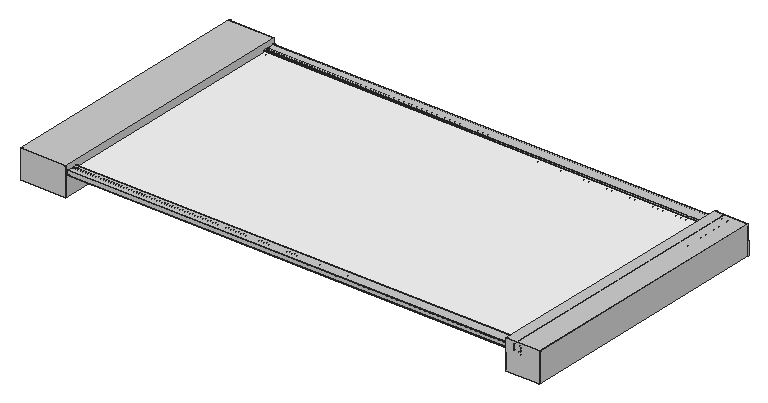
Revit family "DSI-H_3HR_Horizontal_Curtain_Jamb", category Specialty Equipment, Revit 2023
Family settings
  Round Connector Dimension = Use Diameter
  Part Type = Normal
  OmniClass Number = 23.30.60.17
  OmniClass Title = Fire and Smoke Shutters and Curtains
  Work Plane-Based = No
  Enable Cutting in Views = No
  Always vertical = Yes
  Cut with Voids When Loaded = No
  Maintain Annotation Orientation = No
  Shared = No
  Room Calculation Point = No
Parameters
  Type Comments = ""
  Specifications = "https://www.arcat.com/company/door-systems-50183/spec"
  Product Information = "https://www.arcat.com/arcatcos/cos50/arc50183.html"
  Manufacturer Address = "1150 S. Las Brisas Placentia, CA 92870"
  Keynote = ""
  Height (TBH) Tail end Box [instance] = 0' - 11.81"
  Description = ""
  Default Elevation = 0' - 0"
  Cost = 0
  Copyright = "Arcat, Inc."
  Curtain Width [instance] = 8' - 0"
  URL = "https://www.doorsysinc.com/smoke-and-fire-curtains/"
  Width (TBW) Tail end Box [instance] = 1' - 1 3/4"
  Stainless Steel = Stainless Steel
  Schematic Floor = no
  Power Supply = "SINGLE PHASE, 230V,13A,50Hz"
  Open Fire Curtain = yes
  Motor = "INTERNAL, ELECTRIC, TUBULER GEARED CONSTANT SPEED MOTOR"
  Model = "DSI-H 3HR HorizontalnCurtain Jamb"
  Manufacturer = "Door Systems"
  Width (HBW) Head Box [instance] = 1' - 6 1/2"
  Height (HBH) Head Box [instance] = 0' - 11 3/4"
  Guide Rail = "2 mm THK GALVANIZED STEEL GUIDE RAIL"
  Galvanized Stell = Galvanized Steel
  End Plate = "3mmTHK GALVANISED STEEL END PLATES AND BRACKETS"
  Curtain Fabric = "MANUFACTURED FROM STAINLESS STEEL, WIRE REINFORCED,\r\nWOVEN GLASS FIBRE, FABRIC COATED ON EACH SIDE\r\nWITH SILVER POLYURETHANE  VWG 690"
  Curtain Box = "1.2mmTHK GALVANISED STEEL"
  Curtain = Curtain
  Curtain Length [instance] = 15' - 0"
  Bottom Bar = "2mm THK  GALVANIZED STEEL  BOTTOM BAR"
  Assembly Code = ""
Reference planes (in)
  plane 1 "Center (Front/Back)": y = 0
  plane 2: z = 0.04835
  plane 3 "Center (Left/Right)": x = 0
  plane 4: y = 48
  plane 5: y = -58.62376
  plane 6: x = -48
  plane 7: x = 164.25
  plane 8: x = -29.5
  plane 9: x = 150.5
  plane 10: y = 43.47244
  plane 11: y = -54.0962
  plane 12: z = 0
  plane 13: z = 11.75
  plane 14: z = 8.30906
  plane 15: x = -34.22047
  plane 16: x = 156.40133
  plane 17: z = 10.90207
  plane 18: y = 47.2126
  plane 19: y = -57.84251
  plane 20: y = -58.57689
  plane 21: y = 47.95312
  plane 22: z = 9.7997
  plane 23: z = 9.75283
  plane 24: z = -0.06
  plane 25: z = -0.01312
  plane 26: z = 11.70276
  plane 27: x = -45.24409
  plane 28: x = -33.76735
  plane 29: x = -47.95312
  plane 30: x = -29.54687
  plane 31: y = -53.31495
  plane 32: y = 42.68505
  plane 33 "Cloth Superior": z = 9.0123
  plane 34: z = 8.96543
Forms (in)
  Extrusion 1, solid, material "Steel, Paint Finish, Dark Gray, Matte"
    sketch origin (0, -119.95313, 0) x (1, 0, 0) y (0, 0, 1)
      loop
        line (-48, 11.65551) -> (-48, -0.06) -> (-29.5, -0.06) -> (-29.5, 11.75) -> (-47.90551, 11.75)
        arc (-47.90551, 11.75) -> (-47.97233, 11.72233) -> (-48, 11.65551) r 0.09449
    from -61.37624 to -61.32936
  Extrusion 2, solid, material "Steel, Paint Finish, Dark Gray, Matte"
    sketch origin (0, -36, 0) x (1, 0, 0) y (0, 0, 1)
      loop
        line (-48, 11.65551) -> (-48, -0.06) -> (-29.5, -0.06) -> (-29.5, 11.75) -> (-47.90551, 11.75)
        arc (-47.90551, 11.75) -> (-47.97233, 11.72233) -> (-48, 11.65551) r 0.09449
    from -84 to -83.95312
  Extrusion 3, solid, material "Steel, Paint Finish, Dark Gray, Matte"
    sketch origin (0, -35.95313, 0) x (1, 0, 0) y (0, 0, 1)
      loop
        line (150.49582, -0.06) -> (164.24582, -0.06) -> (164.24582, 11.65551)
        arc (164.24582, 11.65551) -> (164.21814, 11.72233) -> (164.15133, 11.75) r 0.09449
        line (164.15133, 11.75) -> (150.49582, 11.75) -> (150.49582, -0.06)
    from 22.62376 to 22.67064
  Extrusion 4, solid, material "Steel, Paint Finish, Dark Gray, Matte"
    sketch origin (0, 48, 0) x (1, 0, 0) y (0, 0, 1)
      loop
        line (150.49582, -0.06) -> (164.24582, -0.06) -> (164.24582, 11.65551)
        arc (164.24582, 11.65551) -> (164.21814, 11.72233) -> (164.15133, 11.75) r 0.09449
        line (164.15133, 11.75) -> (150.49582, 11.75) -> (150.49582, -0.06)
    from 0 to 0.04688
  Extrusion 5, solid, material "Galvanized Steel"
    sketch origin (0, 1.56963, 0.2623) x (0, 1, 0) y (0, 0, 1)
      loop
        line (-54.88458, 8.86811) -> (-54.88458, 9.41929)
        arc (-54.88458, 9.41929) -> (-54.91918, 9.50281) -> (-55.00269, 9.5374) r 0.11811
        line (-55.00269, 9.5374) -> (-59.29403, 9.5374)
        arc (-59.29403, 9.5374) -> (-59.37755, 9.50281) -> (-59.41214, 9.41929) r 0.11811
        line (-59.41214, 9.41929) -> (-59.41214, 7.68701)
        arc (-59.41214, 7.68701) -> (-59.37755, 7.60349) -> (-59.29403, 7.5689) r 0.11811
        line (-59.29403, 7.5689) -> (-55.00269, 7.5689)
        arc (-55.00269, 7.5689) -> (-54.91918, 7.60349) -> (-54.88458, 7.68701) r 0.11811
        line (-54.88458, 7.68701) -> (-54.88458, 8.23819)
        arc (-54.88458, 8.23819) -> (-54.91918, 8.32171) -> (-55.00269, 8.3563) r 0.11811
        line (-55.00269, 8.3563) -> (-56.14443, 8.3563)
        arc (-56.14443, 8.3563) -> (-56.22794, 8.32171) -> (-56.26254, 8.23819) r 0.11811
        line (-56.26254, 8.23819) -> (-56.26254, 7.68701) -> (-56.1838, 7.68701) -> (-56.1838, 8.23819)
        arc (-56.1838, 8.23819) -> (-56.17227, 8.26603) -> (-56.14443, 8.27756) r 0.03937
        line (-56.14443, 8.27756) -> (-55.00269, 8.27756)
        arc (-55.00269, 8.27756) -> (-54.97486, 8.26603) -> (-54.96332, 8.23819) r 0.03937
        line (-54.96332, 8.23819) -> (-54.96332, 7.68701)
        arc (-54.96332, 7.68701) -> (-54.97486, 7.65917) -> (-55.00269, 7.64764) r 0.03937
        line (-55.00269, 7.64764) -> (-59.29403, 7.64764)
        arc (-59.29403, 7.64764) -> (-59.32187, 7.65917) -> (-59.3334, 7.68701) r 0.03937
        line (-59.3334, 7.68701) -> (-59.3334, 9.41929)
        arc (-59.3334, 9.41929) -> (-59.32187, 9.44713) -> (-59.29403, 9.45866) r 0.03937
        line (-59.29403, 9.45866) -> (-55.00269, 9.45866)
        arc (-55.00269, 9.45866) -> (-54.97486, 9.44713) -> (-54.96332, 9.41929) r 0.03937
        line (-54.96332, 9.41929) -> (-54.96332, 8.86811)
        arc (-54.96332, 8.86811) -> (-54.97486, 8.84027) -> (-55.00269, 8.82874) r 0.03937
        line (-55.00269, 8.82874) -> (-56.14443, 8.82874)
        arc (-56.14443, 8.82874) -> (-56.17227, 8.84027) -> (-56.1838, 8.86811) r 0.03937
        line (-56.1838, 8.86811) -> (-56.1838, 9.43307) -> (-56.26254, 9.43307) -> (-56.26254, 8.86811)
        arc (-56.26254, 8.86811) -> (-56.22794, 8.78459) -> (-56.14443, 8.75) r 0.11811
        line (-56.14443, 8.75) -> (-55.00269, 8.75)
        arc (-55.00269, 8.75) -> (-54.91918, 8.78459) -> (-54.88458, 8.86811) r 0.11811
    from -29.54687 to 156.40133
  Extrusion 6, solid, material "Steel, Paint Finish, Dark Gray, Matte"
    sketch origin (0, 0, -1.0631) x (0, 1, 0) y (0, 0, 1)
      loop
        line (44.063, 10.79774) -> (43.98426, 10.79774) -> (43.98426, 10.23278)
        arc (43.98426, 10.23278) -> (43.97273, 10.20494) -> (43.94489, 10.19341) r 0.03937
        line (43.94489, 10.19341) -> (42.80316, 10.19341)
        arc (42.80316, 10.19341) -> (42.77532, 10.20494) -> (42.76379, 10.23278) r 0.03937
        line (42.76379, 10.23278) -> (42.76379, 10.78396)
        arc (42.76379, 10.78396) -> (42.77532, 10.8118) -> (42.80316, 10.82333) r 0.03937
        line (42.80316, 10.82333) -> (47.09449, 10.82333)
        arc (47.09449, 10.82333) -> (47.12233, 10.8118) -> (47.13386, 10.78396) r 0.03937
        line (47.13386, 10.78396) -> (47.13386, 9.05167)
        arc (47.13386, 9.05167) -> (47.12233, 9.02383) -> (47.09449, 9.0123) r 0.03937
        line (47.09449, 9.0123) -> (42.80316, 9.0123)
        arc (42.80316, 9.0123) -> (42.77532, 9.02383) -> (42.76379, 9.05167) r 0.03937
        line (42.76379, 9.05167) -> (42.76379, 9.60285)
        arc (42.76379, 9.60285) -> (42.77532, 9.63069) -> (42.80316, 9.64222) r 0.03937
        line (42.80316, 9.64222) -> (43.94489, 9.64222)
        arc (43.94489, 9.64222) -> (43.97273, 9.63069) -> (43.98426, 9.60285) r 0.03937
        line (43.98426, 9.60285) -> (43.98426, 9.05167) -> (44.063, 9.05167) -> (44.063, 9.60285)
        arc (44.063, 9.60285) -> (44.0284, 9.68637) -> (43.94489, 9.72096) r 0.11811
        line (43.94489, 9.72096) -> (42.80316, 9.72096)
        arc (42.80316, 9.72096) -> (42.71964, 9.68637) -> (42.68505, 9.60285) r 0.11811
        line (42.68505, 9.60285) -> (42.68505, 9.05167)
        arc (42.68505, 9.05167) -> (42.71964, 8.96816) -> (42.80316, 8.93356) r 0.11811
        line (42.80316, 8.93356) -> (47.09449, 8.93356)
        arc (47.09449, 8.93356) -> (47.17801, 8.96816) -> (47.2126, 9.05167) r 0.11811
        line (47.2126, 9.05167) -> (47.2126, 10.78396)
        arc (47.2126, 10.78396) -> (47.17801, 10.86747) -> (47.09449, 10.90207) r 0.11811
        line (47.09449, 10.90207) -> (42.80316, 10.90207)
        arc (42.80316, 10.90207) -> (42.71964, 10.86747) -> (42.68505, 10.78396) r 0.11811
        line (42.68505, 10.78396) -> (42.68505, 10.23278)
        arc (42.68505, 10.23278) -> (42.71964, 10.14926) -> (42.80316, 10.11467) r 0.11811
        line (42.80316, 10.11467) -> (43.94489, 10.11467)
        arc (43.94489, 10.11467) -> (44.0284, 10.14926) -> (44.063, 10.23278) r 0.11811
        line (44.063, 10.23278) -> (44.063, 10.79774)
    from -29.5 to 156.40133
  Extrusion 7, solid, material "Curtain", visible <- "Open Fire Curtain"
    sketch origin (0, 0, 9.0123) x (-1, 0, 0) y (0, -1, 0)
      loop
        line (29.5, 54.0962) -> (-156.40133, 54.0962) -> (-156.40133, -43.47244) -> (29.5, -43.47244) -> (29.5, 54.0962)
    from -0.04688 to 0
  Extrusion 8, solid, material "Schematic Floor", visible <- "Schematic Floor"
    sketch origin (0, 0, 2.04687) x (1, 0, 0) y (0, 1, 0)
      loop
        line (-48, -58.57689) -> (164.25, -58.57689) -> (164.25, 48) -> (-48, 48) -> (-48, -58.57689)
      loop
        line (188.24582, 72) -> (-72, 72) -> (-72, -82.57689) -> (188.24582, -82.57689) -> (188.24582, 72)
    from 0 to 9.70313
  Extrusion 9, solid, material "Steel, Paint Finish, Dark Gray, Matte"
    sketch origin (0, 0, 0) x (1, 0, 0) y (0, 0, 1)
      loop
        line (150.49582, 11.75) -> (150.49582, 11.70276) -> (164.15133, 11.70276)
        arc (164.15133, 11.70276) -> (164.18474, 11.68892) -> (164.19857, 11.65551) r 0.04724
        line (164.19857, 11.65551) -> (164.19857, -0.01312) -> (150.54306, -0.01312) -> (150.54306, 6.53009)
        arc (150.54306, 6.53009) -> (150.54939, 6.55371) -> (150.56668, 6.57101) r 0.04724
        line (150.56668, 6.57101) -> (153.57707, 8.30906) -> (156.30684, 8.30906)
        arc (156.30684, 8.30906) -> (156.34025, 8.29522) -> (156.35408, 8.26181) r 0.04724
        line (156.35408, 8.26181) -> (156.35408, 7.68701) -> (156.40133, 7.68701) -> (156.40133, 8.26181)
        arc (156.40133, 8.26181) -> (156.37365, 8.32862) -> (156.30684, 8.3563) r 0.09449
        line (156.30684, 8.3563) -> (153.58368, 8.3563)
        arc (153.58368, 8.3563) -> (153.56237, 8.3523) -> (153.54248, 8.34364) r 0.09639
        line (153.54248, 8.34364) -> (150.54306, 6.61192)
        arc (150.54306, 6.61192) -> (150.50848, 6.57734) -> (150.49582, 6.53009) r 0.09449
        line (150.49582, 6.53009) -> (150.49582, -0.06) -> (164.24582, -0.06) -> (164.24582, 11.65551)
        arc (164.24582, 11.65551) -> (164.21814, 11.72233) -> (164.15133, 11.75) r 0.09449
        line (164.15133, 11.75) -> (150.49582, 11.75)
      loop
        line (154.23597, 8.65797) -> (154.23597, 8.73671) -> (153.8029, 8.73671)
        arc (153.8029, 8.73671) -> (153.74723, 8.75977) -> (153.72416, 8.81545) r 0.07874
        line (153.72416, 8.81545) -> (153.72416, 9.60285)
        arc (153.72416, 9.60285) -> (153.74723, 9.65853) -> (153.8029, 9.68159) r 0.07874
        line (153.8029, 9.68159) -> (156.24385, 9.68159)
        arc (156.24385, 9.68159) -> (156.29953, 9.65853) -> (156.32259, 9.60285) r 0.07874
        line (156.32259, 9.60285) -> (156.32259, 8.81545)
        arc (156.32259, 8.81545) -> (156.29953, 8.75977) -> (156.24385, 8.73671) r 0.07874
        line (156.24385, 8.73671) -> (155.81078, 8.73671) -> (155.81078, 8.65797) -> (156.24385, 8.65797)
        arc (156.24385, 8.65797) -> (156.3552, 8.7041) -> (156.40133, 8.81545) r 0.15748
        line (156.40133, 8.81545) -> (156.40133, 9.60285)
        arc (156.40133, 9.60285) -> (156.3552, 9.71421) -> (156.24385, 9.76033) r 0.15748
        line (156.24385, 9.76033) -> (153.8029, 9.76033)
        arc (153.8029, 9.76033) -> (153.69155, 9.71421) -> (153.64542, 9.60285) r 0.15748
        line (153.64542, 9.60285) -> (153.64542, 8.81545)
        arc (153.64542, 8.81545) -> (153.69155, 8.7041) -> (153.8029, 8.65797) r 0.15748
        line (153.8029, 8.65797) -> (154.23597, 8.65797)
      loop
        line (155.81078, 10.82333) -> (156.24385, 10.82333)
        arc (156.24385, 10.82333) -> (156.29953, 10.80026) -> (156.32259, 10.74459) r 0.07874
        line (156.32259, 10.74459) -> (156.32259, 9.95718)
        arc (156.32259, 9.95718) -> (156.29953, 9.90151) -> (156.24385, 9.87844) r 0.07874
        line (156.24385, 9.87844) -> (153.8029, 9.87844)
        arc (153.8029, 9.87844) -> (153.74723, 9.90151) -> (153.72416, 9.95718) r 0.07874
        line (153.72416, 9.95718) -> (153.72416, 10.74459)
        arc (153.72416, 10.74459) -> (153.74723, 10.80026) -> (153.8029, 10.82333) r 0.07874
        line (153.8029, 10.82333) -> (154.23597, 10.82333) -> (154.23597, 10.90207) -> (153.8029, 10.90207)
        arc (153.8029, 10.90207) -> (153.69155, 10.85594) -> (153.64542, 10.74459) r 0.15748
        line (153.64542, 10.74459) -> (153.64542, 9.95718)
        arc (153.64542, 9.95718) -> (153.69155, 9.84583) -> (153.8029, 9.7997) r 0.15748
        line (153.8029, 9.7997) -> (156.24385, 9.7997)
        arc (156.24385, 9.7997) -> (156.3552, 9.84583) -> (156.40133, 9.95718) r 0.15748
        line (156.40133, 9.95718) -> (156.40133, 10.74459)
        arc (156.40133, 10.74459) -> (156.3552, 10.85594) -> (156.24385, 10.90207) r 0.15748
        line (156.24385, 10.90207) -> (155.81078, 10.90207) -> (155.81078, 10.82333)
    from -47.95312 to 58.57689
  Extrusion 10, solid, material "Steel, Paint Finish, Dark Gray, Matte"
    sketch origin (-2.7556, 0, -3.5) x (1, 0, 0) y (0, 0, 1)
      loop
        line (-45.2444, 3.44) -> (-26.7444, 3.44) -> (-26.7444, 15.25) -> (-45.2444, 15.25) -> (-45.2444, 3.44)
    from -47.95312 to 58.57689
Lines and regions (in)
  symbolic lines
    curve 1: circle (-44.4481, 0, 6.24083) r 1.91535 normal (0, -1, 0)
    curve 2: circle (-44.4481, 0, 6.24083) r 1.50591 normal (0, -1, 0)
    curve 3: circle (-44.4481, 0, 6.24083) r 1.37795 normal (0, -1, 0)
    curve 4: line (-44.45337, 0, 8.57018) -> (-44.44283, 0, 3.91148)
    curve 5: line (-46.77745, 0, 6.23556) -> (-42.11875, 0, 6.2461)
    curve 6: line (-42.11875, 0, 6.2461) -> (-33.09316, 0, 6.2665)
    curve 7: line (-37.56899, 0, 10.72215) -> (-37.5488, 0, 1.79067)
    curve 8: arc (-37.5634, 0, 8.2505) -> (-38.97212, 0, 7.66325) -> (-39.55298, 0, 6.2519) r 1.99409
    curve 9: circle (-37.55889, 0, 6.25641) r 3.54331 normal (0, -1, 0)
    curve 10: line (-44.32021, 0, 8.15191) -> (-37.46315, 0, 7.69302)
    curve 11: line (-37.55564, 0, 4.81661) -> (-44.3106, 0, 4.33042)
    curve 12: circle (-37.55889, 0, 6.25641) r 1.43976 normal (0, -1, 0)
    curve 13: circle (-37.55889, 0, 6.25641) r 1.85236 normal (0, -1, 0)
    curve 14: circle (-37.55889, 0, 6.25641) r 1.99409 normal (0, -1, 0)
    curve 15: line (-34.11021, 0, 9.7997) -> (-37.56691, 0, 9.7997)
    curve 31: circle (155.07062, 0, 4.85876) r 1.43976 normal (0, -1, 0)
    curve 32: line (159.80408, 0, 6.76489) -> (154.93148, 0, 6.29178)
    curve 33: line (155.07062, 0, 6.65057) -> (155.07062, 0, 3.06695)
    curve 34: line (153.27881, 0, 4.85876) -> (156.86243, 0, 4.85876)
    curve 35: circle (155.07292, 0, 4.85876) r 0.83465 normal (0, -1, 0)
    curve 36: circle (155.07292, 0, 4.85876) r 0.71654 normal (0, -1, 0)
    curve 37: line (157.51091, 0, 4.85876) -> (162.47285, 0, 4.85876)
    curve 38: circle (159.99188, 0, 4.85876) r 1.91535 normal (0, -1, 0)
    curve 39: circle (159.99188, 0, 4.85876) r 1.50591 normal (0, -1, 0)
    curve 40: circle (159.99188, 0, 4.85876) r 1.37795 normal (0, -1, 0)
    curve 41: line (155.08935, 0, 3.41912) -> (159.80329, 0, 2.95271)
    curve 42: line (159.99188, 0, 7.33973) -> (159.99188, 0, 2.37779)
  symbolic lines, not visible
    curve 16: circle (-44.45615, 0, 6.29921) r 1.91535 normal (0, -1, 0)
    curve 17: circle (-44.45615, 0, 6.29921) r 1.50591 normal (0, -1, 0)
    curve 18: circle (-44.45615, 0, 6.29921) r 1.37795 normal (0, -1, 0)
    curve 19: line (-44.45615, 0, 8.62857) -> (-44.45615, 0, 3.96985)
    curve 20: line (-46.78551, 0, 6.29921) -> (-42.12679, 0, 6.29921)
    curve 21: line (-42.12679, 0, 6.29921) -> (-33.10118, 0, 6.29921)
    curve 22: line (-37.56693, 0, 10.76496) -> (-37.56693, 0, 1.83346)
    curve 23: arc (-37.56693, 0, 8.29331) -> (-38.97697, 0, 7.70925) -> (-39.56102, 0, 6.29921) r 1.99409
    curve 24: circle (-37.56693, 0, 6.29921) r 3.54331 normal (0, -1, 0)
    curve 25: line (-44.32394, 0, 8.21) -> (-37.46794, 0, 7.73561)
    curve 26: line (-37.56693, 0, 4.85941) -> (-44.32297, 0, 4.38849)
    curve 27: circle (-37.56693, 0, 6.29921) r 1.43976 normal (0, -1, 0)
    curve 28: circle (-37.56693, 0, 6.29921) r 1.85236 normal (0, -1, 0)
    curve 29: circle (-37.56693, 0, 6.29921) r 1.99409 normal (0, -1, 0)
    curve 30: line (-34.11024, 0, 9.8347) -> (-37.56693, 0, 9.84252)
    curve 43: circle (126.25984, 0, 4.92126) r 1.43976 normal (0, -1, 0)
    curve 44: line (130.9933, 0, 6.82739) -> (126.1207, 0, 6.35428)
    curve 45: line (126.25984, 0, 6.71307) -> (126.25984, 0, 3.12945)
    curve 46: line (124.46803, 0, 4.92126) -> (128.05166, 0, 4.92126)
    curve 47: circle (126.26214, 0, 4.92126) r 0.83465 normal (0, -1, 0)
    curve 48: circle (126.26214, 0, 4.92126) r 0.71654 normal (0, -1, 0)
    curve 49: line (128.70013, 0, 4.92126) -> (133.66207, 0, 4.92126)
    curve 50: circle (131.1811, 0, 4.92126) r 1.91535 normal (0, -1, 0)
    curve 51: circle (131.1811, 0, 4.92126) r 1.50591 normal (0, -1, 0)
    curve 52: circle (131.1811, 0, 4.92126) r 1.37795 normal (0, -1, 0)
    curve 53: line (126.27857, 0, 3.48162) -> (130.99251, 0, 3.01521)
    curve 54: line (131.1811, 0, 7.40223) -> (131.1811, 0, 2.44029)
Dimensions and locks (in)
  "Width (HBW) Head Box": plane 6 to plane 8
  "Width (TBW) Tail end Box": plane 9 to plane 7
  plane 6 to plane 7 = 17' - 8 1/4"
  "Curtain Length": plane 8 to plane 9
  plane 4 to plane 5 = 8' - 10.62376"
  locked: plane 11 to plane 5 at 4.52756
  locked: plane 4 to plane 10 at 4.52756
  "Height (HBH) Head Box": plane 13 to plane 12
  locked: plane 13 to plane 14 at 3.44094
  locked: plane 9 to plane 16 at 5.90133
  locked: plane 13 to plane 17 at 0.84793
  locked: plane 4 to plane 18 at 0.7874
  locked: plane 19 to plane 5 at 0.78125
  locked: plane 20 to plane 5 at 0.04687
  locked: plane 4 to plane 21 at 0.04688
  plane 13 to plane 22 to plane 23 = 0' - 1.9503" locked, 0' - 0 3/64" locked
  locked: plane 14 to curve 37 at 3.4503
  locked: curve 33 to plane 16 at 1.33071
  "Height (TBH) Tail end Box": plane 13 to plane 24
  locked: plane 25 to plane 24 at 0.04688
  locked: plane 13 to plane 26 at 0.04724
  locked: level to plane 12 at 0.04835
  locked: plane 30 to plane 8 at 0.04688
  locked: plane 6 to plane 29 at 0.04688
  locked: plane 28 to plane 30 at 4.22047
  "Curtain Width": plane 32 to plane 31
  locked: plane 4 to plane 32 at 5.31495
  locked: plane 31 to plane 5 at 5.30881
  locked: plane 33 "Cloth Superior" to plane 34 at 0.04688
  locked: plane 13 to plane 33 "Cloth Superior" at 2.7377
  aligned and locked: level to plane 2
  aligned and locked: Extrusion 1 to plane 5
  aligned and locked: Extrusion 1 to plane 20
  aligned and locked: Extrusion 2 to plane 21
  aligned and locked: plane 4 to Extrusion 2
  aligned and locked: Extrusion 3 to plane 5
  aligned and locked: Extrusion 3 to plane 20
  aligned and locked: plane 4 to Extrusion 4
  aligned and locked: Extrusion 4 to plane 21
  aligned and locked: plane 19 to Extrusion 5
  aligned and locked: Extrusion 7 to plane 16
  aligned and locked: plane 10 to Extrusion 7
  aligned and locked: Extrusion 7 to plane 11
  aligned and locked: plane 22 to curve 15
  aligned and locked: Extrusion 6 to plane 16
  aligned and locked: Extrusion 5 to plane 16
  aligned and locked: Extrusion 8 to plane 6
  aligned and locked: plane 7 to Extrusion 8
  aligned and locked: Extrusion 8 to plane 20
  aligned and locked: Extrusion 8 to plane 4
  aligned and locked: Extrusion 4 to plane 24
  aligned and locked: Extrusion 3 to plane 24
  aligned and locked: plane 26 to Extrusion 9
  aligned and locked: Extrusion 3 to plane 13
  aligned and locked: Extrusion 9 to plane 24
  aligned and locked: plane 25 to Extrusion 9
  aligned and locked: plane 5 to Extrusion 3
  aligned and locked: Extrusion 9 to Extrusion 8
  aligned and locked: plane 20 to Extrusion 9
  aligned and locked: Extrusion 8 to plane 13
  aligned and locked: Extrusion 9 sketch curve to plane 26
  aligned and locked: Extrusion 9 sketch curve to Extrusion 8
  aligned and locked: plane 21 to Extrusion 10
  aligned and locked: plane 20 to Extrusion 10
  aligned and locked: plane 6 to Extrusion 10 sketch curve
  aligned and locked: Extrusion 10 sketch curve to plane 24
  aligned and locked: plane 13 to Extrusion 10 sketch curve
  aligned and locked: plane 22 to Extrusion 5
  aligned and locked: plane 8 to Extrusion 6
  aligned and locked: plane 8 to Extrusion 7
  aligned and locked: plane 30 to Extrusion 5
  aligned and locked: Extrusion 1 sketch curve to plane 24
  aligned and locked: Extrusion 2 sketch curve to plane 24
  aligned and locked: plane 31 to Extrusion 5
  aligned and locked: plane 32 to Extrusion 6
  aligned and locked: plane 33 "Cloth Superior" to Extrusion 5
  aligned and locked: Extrusion 7 to plane 34
  aligned and locked: plane 33 "Cloth Superior" to Extrusion 7
Automatic sketch dimensions
  plane 6 to Extrusion 1 sketch curve = 0' - 0"
  Extrusion 1 sketch curve to plane 13 = 0' - 0"
  plane 8 to Extrusion 1 sketch curve = 0' - 0"
  Extrusion 1 sketch curve to plane 26 = 0' - 0.04724"
  plane 6 to Extrusion 2 sketch curve = 0' - 0"
  Extrusion 2 sketch curve to plane 13 = 0' - 0"
  plane 8 to Extrusion 2 sketch curve = 0' - 0"
  Extrusion 2 sketch curve to plane 26 = 0' - 0.04724"
  Extrusion 3 sketch curve to plane 24 = 0' - 0"
  Extrusion 3 sketch curve to plane 13 = 0' - 0"
  plane 9 to Extrusion 3 sketch curve = 0' - 0.00418"
  plane 7 to Extrusion 3 sketch curve = 0' - 0.09867"
  plane 7 to Extrusion 3 sketch curve = 0' - 0.00418"
  Extrusion 4 sketch curve to plane 24 = 0' - 0"
  Extrusion 4 sketch curve to plane 13 = 0' - 0"
  plane 9 to Extrusion 4 sketch curve = 0' - 0.00418"
  plane 7 to Extrusion 4 sketch curve = 0' - 0.09867"
  plane 7 to Extrusion 4 sketch curve = 0' - 0.00418"
  Extrusion 5 sketch curve to Extrusion 5 sketch curve = 0' - 0"  (x18)
  Extrusion 5 sketch curve to plane 19 = 0' - 0"
  Extrusion 5 sketch curve to Extrusion 5 sketch curve = 0' - 0.07874"
  Extrusion 5 sketch curve to Extrusion 5 sketch curve = 0' - 0.03937"  (x6)
  Extrusion 5 sketch curve to plane 11 = 0' - 0.5967"  (x2)
  plane 11 to Extrusion 5 sketch curve = 0' - 0.66314"  (x2)
  plane 14 to Extrusion 5 sketch curve = 0' - 0.19144"
  Extrusion 5 sketch curve to Extrusion 5 sketch curve = 0' - 0.55118"  (x2)
  Extrusion 5 sketch curve to Extrusion 5 sketch curve = 0' - 0.3937"
  Extrusion 5 sketch curve to plane 23 = 0' - 0.07124"
  Extrusion 5 sketch curve to plane 23 = 0' - 0.05746"
  Extrusion 6 sketch curve to Extrusion 6 sketch curve = 0' - 0"  (x18)
  Extrusion 6 sketch curve to plane 18 = 0' - 0"
  Extrusion 6 sketch curve to plane 23 = 0' - 0.03197"  (x2)
  Extrusion 6 sketch curve to plane 18 = 0' - 0.07874"
  Extrusion 6 sketch curve to Extrusion 6 sketch curve = 0' - 0.03937"  (x5)
  Extrusion 6 sketch curve to plane 23 = 0' - 0.01819"
  plane 10 to Extrusion 6 sketch curve = 0' - 0.59056"  (x2)
  plane 14 to Extrusion 6 sketch curve = 0' - 0.2307"
  Extrusion 6 sketch curve to plane 10 = 0' - 0.66929"  (x2)
  Extrusion 6 sketch curve to plane 14 = 0' - 0.32048"  (x2)
  Extrusion 6 sketch curve to Extrusion 6 sketch curve = 0' - 0.3937"
  Extrusion 8 sketch curve to plane 6 = 0' - 0"
  Extrusion 8 sketch curve to plane 7 = 0' - 0"
  plane 20 to Extrusion 8 sketch curve = 0' - 0"
  Extrusion 8 sketch curve to plane 4 = 0' - 0"
  plane 6 to Extrusion 8 sketch curve = 2' - 0"
  Extrusion 8 sketch curve to plane 7 = 1' - 11.99582"
  Extrusion 8 sketch curve to plane 5 = 1' - 11 61/64"
  plane 4 to Extrusion 8 sketch curve = 2' - 0"
  Extrusion 9 sketch curve to Extrusion 9 sketch curve = 0' - 0"  (x24)
  Extrusion 9 sketch curve to plane 24 = 0' - 0"
  Extrusion 9 sketch curve to plane 25 = 0' - 0"
  Extrusion 9 sketch curve to plane 14 = 0' - 0"
  Extrusion 9 sketch curve to plane 22 = 0' - 0"
  Extrusion 9 sketch curve to plane 17 = 0' - 0"  (x2)
  plane 16 to Extrusion 9 sketch curve = 0' - 0"  (x3)
  Extrusion 9 sketch curve to Extrusion 9 sketch curve = 0' - 0.04724"
  Extrusion 9 sketch curve to Extrusion 9 sketch curve = 0' - 0.07874"  (x8)
  plane 16 to Extrusion 9 sketch curve = 0' - 0.09449"
  Extrusion 9 sketch curve to plane 23 = 0' - 0.07124"
  Extrusion 9 sketch curve to Extrusion 9 sketch curve = 0' - 0.43307"  (x4)
  Extrusion 9 sketch curve to Extrusion 9 sketch curve = 0' - 1.5748"  (x2)
  plane 14 to Extrusion 9 sketch curve = 0' - 0.34892"
  Extrusion 9 sketch curve to plane 14 = 0' - 0.04889"
  Extrusion 9 sketch curve to Extrusion 9 sketch curve = 0' - 0.21222"
  Extrusion 9 sketch curve to Extrusion 9 sketch curve = 0' - 0.007"
  Extrusion 9 sketch curve to Extrusion 9 sketch curve = 0' - 0.00661"
  plane 14 to Extrusion 9 sketch curve = 0' - 0.03459"
  Extrusion 9 sketch curve to plane 9 = 0' - 0.09031"
  Extrusion 9 sketch curve to Extrusion 9 sketch curve = 0' - 0.02362"
  Extrusion 9 sketch curve to plane 9 = 0' - 0.04306"  (x2)
  plane 9 to Extrusion 9 sketch curve = 0' - 0.00418"  (x2)
  plane 7 to Extrusion 9 sketch curve = 0' - 0.09867"
  Extrusion 9 sketch curve to plane 26 = 0' - 0.04724"
  Extrusion 9 sketch curve to plane 14 = 0' - 1.77896"
  Extrusion 9 sketch curve to Extrusion 9 sketch curve = 0' - 0.5748"
  Extrusion 9 sketch curve to Extrusion 9 sketch curve = 0' - 0.30167"
  Extrusion 10 sketch curve to plane 30 = 0' - 0 3/64"
  plane 10 to Extrusion 7 sketch curve = 0' - 0"
  Extrusion 7 sketch curve to plane 16 = 0' - 0"
  Extrusion 7 sketch curve to plane 8 = 0' - 0"
  plane 11 to Extrusion 7 sketch curve = 0' - 0"
